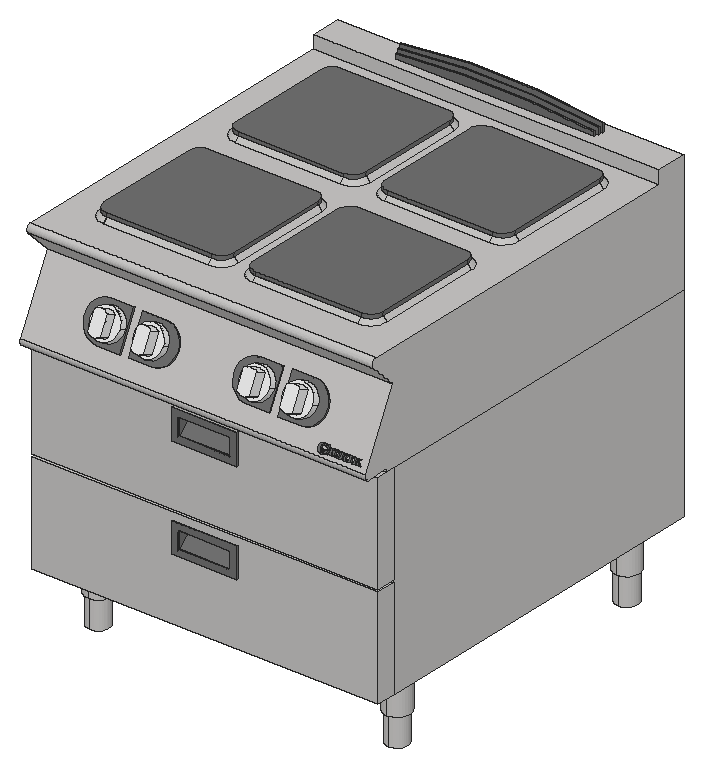
Revit family "QF_GIORIK_CE94QGMC", category Specialty Equipment, Revit 2014
Parameters (values of type "CE94QGMC")
  Weight in Pounds = 253.5313
  Watts = 16000 W
  Volts = 400 V
  URL Cutsheet = "www.giorik.com"
  URL = "www.giorik.com"
  Status [instance] = ""
  Specification by User [instance] = ""
  Specification by Manufacturer = ""
  Show Logo [instance] = yes
  Show Clearance [instance] = yes
  Serial Number = ""
  Seismic Rating = ""
  SMACNA No = ""
  Revision Code [instance] = ""
  Phase = 3
  Number of Poles [instance] = 3
  NAFEM Spec ID Number = ""
  Model = "CE94QGMC"
  Min Ckt Ampacity = 0 A
  Max Overcurrent Protection = 0 A
  Masterspec = ""
  Manufacturer = "GIORIK"
  Item Number [instance] = ""
  Installed By [instance] = ""
  Identify Quantity as Lot [instance] = no
  HP = "21.456320000000"
  Furnished By [instance] = ""
  Foodservice Equipment Identifier [instance] = yes
  FL Amps = 0 A
  Electrical Remarks [instance] = ""
  Electric Connection Type [instance] = ""
  Elec Conn RI Height [instance] = 0 mm
  Elec Conn Connection Height [instance] = 150 mm
  Description = "4 ELECTRIC PLATE HOB ON OPEN BASE UNIT"
  Cycle = 50 Hz
  Conn Plug = ""
  CSI MasterFormat = ""
  Assembly Code = "E1090320"
  Apparent Power = 16000 VA
Reference planes
  plane 1 "Back": y = 0
  plane 2: z = 0
  plane 3 "Left": x = 0
  plane 4 "Right": x = 800
  plane 5 "Front": y = -920
  plane 6 "Top": z = 900
Forms (mm)
  Extrusion 1, solid, visible <- "Show Logo"
    sketch origin (591.604, -936.624, 609.486) x (-1, 0, 0) y (0, 0.452718, 0.891654)
      loop
        line (-118.824, 58.358) -> (-127.804, 58.358) -> (-125.523, 56.445) -> (-125.523, 48.027) -> (-127.804, 46.113) -> (-118.824, 46.113) -> (-121.105, 48.027) -> (-121.105, 56.445) -> (-118.824, 58.358)
      loop
        line (-163.721, 58.358) -> (-172.7, 58.358) -> (-170.42, 56.445) -> (-170.42, 48.027) -> (-172.7, 46.113) -> (-163.721, 46.113) -> (-166.001, 48.027) -> (-166.001, 56.445) -> (-163.721, 58.358)
      loop
        line (-174.332, 58.358) -> (-183.312, 58.358) -> (-181.031, 56.445) -> (-181.031, 52.435) -> (-186.419, 56.955) -> (-184.416, 58.358) -> (-191.268, 58.358) -> (-188.01, 56.839) -> (-185.455, 54.283) -> (-190.846, 47.858) -> (-193.396, 46.93) -> (-193.396, 46.113) -> (-184.416, 46.113) -> (-185.437, 47.571) -> (-182.443, 51.552) -> (-181.031, 50.894) -> (-181.031, 48.027) -> (-183.312, 46.113) -> (-174.332, 46.113) -> (-176.613, 48.027) -> (-176.613, 56.445) -> (-174.332, 58.358)
      loop
        line (-115.429, 62.063) -> (-115.429, 54.198)
        arc (-115.429, 54.198) -> (-111.618, 57.803) -> (-106.847, 59.986) r 16.039
        arc (-106.847, 59.986) -> (-103.314, 59.837) -> (-100.512, 57.68) r 5.851
        arc (-100.512, 57.68) -> (-98.815, 52.267) -> (-100.512, 46.853) r 9.479
        arc (-100.512, 46.853) -> (-102.406, 44.986) -> (-104.846, 43.93) r 7.236
        arc (-104.846, 43.93) -> (-107.728, 44.111) -> (-110.052, 45.825) r 5.11
        line (-110.052, 45.825) -> (-110.052, 52.001) -> (-116.141, 52.001) -> (-116.141, 45.503) -> (-117.893, 43.751) -> (-114.094, 44.769)
        arc (-114.094, 44.769) -> (-112.56, 44.947) -> (-111.129, 44.366) r 3.115
        arc (-111.129, 44.366) -> (-104.216, 42.091) -> (-97.303, 44.366) r 11.641
        arc (-97.303, 44.366) -> (-93.396, 52.107) -> (-97.303, 59.849) r 9.622
        arc (-97.303, 59.849) -> (-104.369, 62.174) -> (-111.435, 59.849) r 11.898
        line (-111.435, 59.849) -> (-115.429, 62.063)
      loop
        arc (-129.234, 56.068) -> (-135.893, 58.628) -> (-142.552, 56.068) r 9.941
        arc (-142.552, 56.068) -> (-144.234, 52.286) -> (-142.552, 48.505) r 5.093
        arc (-142.552, 48.505) -> (-135.893, 45.945) -> (-129.234, 48.505) r 9.941
        arc (-129.234, 48.505) -> (-127.552, 52.286) -> (-129.234, 56.068) r 5.093
      loop
        arc (-132.628, 54.403) -> (-135.893, 57.668) -> (-139.158, 54.403) r 3.265
        line (-139.158, 54.403) -> (-139.158, 50.169)
        arc (-139.158, 50.169) -> (-135.893, 46.904) -> (-132.628, 50.169) r 3.265
        line (-132.628, 50.169) -> (-132.628, 54.403)
      loop
        arc (-156.363, 58.365) -> (-159.647, 55.081) -> (-156.363, 51.796) r 3.285
        line (-156.363, 51.796) -> (-159.529, 47.306) -> (-162.087, 46.113) -> (-155.847, 46.113) -> (-153.529, 51.083) -> (-150.637, 51.083) -> (-150.637, 47.784) -> (-153.022, 46.113) -> (-144.011, 46.113) -> (-146.094, 47.68) -> (-146.094, 56.493) -> (-144.229, 58.365) -> (-156.363, 58.365)
      loop
        line (-150.637, 57.512) -> (-153.637, 57.512)
        arc (-153.637, 57.512) -> (-156.237, 54.912) -> (-153.637, 52.312) r 2.6
        line (-153.637, 52.312) -> (-150.637, 52.312) -> (-150.637, 57.512)
      loop
        line (-108.924, 52.001) -> (-104.936, 49.005) -> (-100.948, 52.001) -> (-108.924, 52.001)
    from 1.5 to -0.5
  Extrusion 2, solid
    sketch origin (-16, 1025.81, 0) x (1, 0, 0) y (0, 1, 0)
      loop
        line (25, -1086.81) -> (25, -1156.81) -> (115, -1156.81) -> (115, -1086.81) -> (25, -1086.81)
    from 148 to 150
  Extrusion 3, solid
    sketch origin (-4, -199.862, 130) x (1, 0, 0) y (0, 1, 0)
      loop
        circle (54, -385) r 12.5
    from 0 to 20
  Extrusion 4, solid
    sketch origin (0, 800.138, -20) x (0, 1, 0) y (0, 0, 1)
      loop
        line (-800.138, 919.988) -> (-870.138, 919.988) -> (-870.138, 889.988) -> (-1688.806, 889.988)
        arc (-1688.806, 889.988) -> (-1699.151, 883.075) -> (-1696.724, 870.873) r 11.197
        line (-1696.724, 870.873) -> (-1640.876, 815.025) -> (-1718.948, 661.258)
        arc (-1718.948, 661.258) -> (-1718.233, 650.105) -> (-1708.118, 645.354) r 10.981
        line (-1708.118, 645.354) -> (-1660, 649.925) -> (-1660, 640) -> (-800.138, 640) -> (-800.138, 919.988)
    from 0 to 800
  Extrusion 5, solid
    sketch origin (0, -199.862, 599.536) x (1, 0, 0) y (0, 1, 0)
      loop
        line (0, -640) -> (40, -640) -> (40, 159.862) -> (760, 159.862) -> (760, -640) -> (800, -640) -> (800, 199.862) -> (0, 199.862) -> (0, -640)
    from -449.536 to 20.464
  Extrusion 6, solid
    sketch origin (0, -199.862, 0) x (1, 0, 0) y (0, 1, 0)
      loop
        line (40, 159.862) -> (40, -640) -> (760, -640) -> (760, 159.862) -> (40, 159.862)
    from 150 to 190
  Extrusion 7, solid
    sketch origin (-16, 360.948, 0) x (1, 0, 0) y (0, 1, 0)
      loop
        line (25, -1086.81) -> (25, -1156.81) -> (115, -1156.81) -> (115, -1086.81) -> (25, -1086.81)
    from 148 to 150
  Revolve 8, solid
    sketch origin (54, 360.948, 0) x (0, 1, 0) y (0, 0, 1)
      loop
        line (-1092.56, 66) -> (-1092.56, 148) -> (-1121.81, 148) -> (-1121.81, 0) -> (-1096.81, 0) -> (-1096.81, 66) -> (-1092.56, 66)
      axis (-1121.81, 0) -> (-1121.81, 148)
    angle from 0 to 360
  Revolve 9, solid
    sketch origin (54, 1025.81, 0) x (0, 1, 0) y (0, 0, 1)
      loop
        line (-1092.56, 66) -> (-1092.56, 148) -> (-1121.81, 148) -> (-1121.81, 0) -> (-1096.81, 0) -> (-1096.81, 66) -> (-1092.56, 66)
      axis (-1121.81, 0) -> (-1121.81, 148)
    angle from 0 to 360
  Extrusion 10, solid
    sketch origin (816, 360.948, 0) x (-1, 0, 0) y (0, -1, 0)
      loop
        line (25, 1086.81) -> (115, 1086.81) -> (115, 1156.81) -> (25, 1156.81) -> (25, 1086.81)
    from 148 to 150
  Revolve 11, solid
    sketch origin (746, 360.948, 0) x (0, 1, 0) y (0, 0, -1)
      loop
        line (-1092.56, -66) -> (-1096.81, -66) -> (-1096.81, 0) -> (-1121.81, 0) -> (-1121.81, -148) -> (-1092.56, -148) -> (-1092.56, -66)
      axis (-1121.81, 0) -> (-1121.81, -148)
    angle from 0 to 360
  Extrusion 12, solid
    sketch origin (816, -1217.81, 0) x (-1, 0, 0) y (0, -1, 0)
      loop
        line (25, -1086.81) -> (25, -1156.81) -> (115, -1156.81) -> (115, -1086.81) -> (25, -1086.81)
    from 148 to 150
  Revolve 13, solid
    sketch origin (746, -1217.81, 0) x (0, -1, 0) y (0, 0, 1)
      loop
        line (-1092.56, 66) -> (-1092.56, 148) -> (-1121.81, 148) -> (-1121.81, 0) -> (-1096.81, 0) -> (-1096.81, 66) -> (-1092.56, 66)
      axis (-1121.81, 0) -> (-1121.81, 148)
    angle from 0 to 360
  Extrusion 14, solid
    sketch origin (-246.222, -1163.208, 52.363) x (1, 0, 0) y (0, 0.452718, 0.891654)
      loop
        line (463.221, 676.25) -> (463.221, 766.25) -> (409.698, 766.25)
        arc (409.698, 766.25) -> (364.698, 721.25) -> (409.698, 676.25) r 45
        line (409.698, 676.25) -> (463.221, 676.25)
    from 48 to 50
  Extrusion 15, solid
    sketch origin (528.33, -1208.559, 74.959) x (-1, 0, 0) y (0, -0.45351, -0.891251)
      loop
        circle (351.331, -721.346) r 35
    from 0 to 15
  Extrusion 16, solid
    sketch origin (528.33, -1208.559, 74.959) x (-1, 0, 0) y (0, -0.45351, -0.891251)
      loop
        arc (336.331, -743.846) -> (351.331, -748.846) -> (366.331, -743.846) r 25
        line (366.331, -743.846) -> (366.331, -698.846)
        arc (366.331, -698.846) -> (351.331, -693.846) -> (336.331, -698.846) r 25
        line (336.331, -698.846) -> (336.331, -743.846)
    from 15 to 40
  Extrusion 17, solid
    sketch origin (700.254, -1163.208, 52.363) x (-1, 0, 0) y (0, -0.452718, -0.891654)
      loop
        line (463.221, -676.25) -> (409.698, -676.25)
        arc (409.698, -676.25) -> (364.698, -721.25) -> (409.698, -766.25) r 45
        line (409.698, -766.25) -> (463.221, -766.25) -> (463.221, -676.25)
    from 48 to 50
  Extrusion 18, solid
    sketch origin (-74.298, -1208.559, 74.959) x (1, 0, 0) y (0, 0.45351, 0.891251)
      loop
        circle (351.331, 721.346) r 35
    from 0 to 15
  Extrusion 19, solid
    sketch origin (-74.298, -1208.559, 74.959) x (1, 0, 0) y (0, 0.45351, 0.891251)
      loop
        line (336.331, 743.846) -> (336.331, 698.846)
        arc (336.331, 698.846) -> (351.331, 693.846) -> (366.331, 698.846) r 25
        line (366.331, 698.846) -> (366.331, 743.846)
        arc (366.331, 743.846) -> (351.331, 748.846) -> (336.331, 743.846) r 25
    from 15 to 40
  Extrusion 20, solid
    sketch origin (36.031, -11.5, -10.001) x (1, 0, 0) y (0, 0, 1)
      loop
        line (135, 909.989) -> (592.969, 909.989) -> (592.969, 919.989) -> (440.969, 929.989) -> (287, 929.989) -> (135, 919.989) -> (135, 909.989)
    from 32 to 35
  Extrusion 21, solid
    sketch origin (38, -1.5, -10.001) x (1, 0, 0) y (0, 0, 1)
      loop
        line (594, 909.989) -> (594, 924.989) -> (440, 937.489) -> (284, 937.489) -> (130, 925.001) -> (130, 909.989) -> (594, 909.989)
    from 32 to 35
  Extrusion 22, solid
    sketch origin (40, 8.5, -10.001) x (1, 0, 0) y (0, 0, 1)
      loop
        line (595, 909.989) -> (595, 930.001) -> (439, 945.258) -> (281, 945.258) -> (125, 929.989) -> (125, 909.989) -> (595, 909.989)
    from 32 to 35
  Extrusion 23, solid, visible <- "Show Clearance", detail levels coarse
    sketch origin (0, -199.862, 0) x (0, 1, 0) y (0, 0, 1)
      loop
        line (-685, 388) -> (-685, 620) -> (-1220, 620) -> (-1220, 388) -> (-685, 388)
    from 0 to 800
  Extrusion 24, solid
    sketch origin (400, -199.862, 0) x (0, 1, 0) y (0, 0, 1)
      loop
        line (-642, 585) -> (-685, 545) -> (-681.85, 545) -> (-642, 582.07) -> (-642, 585)
    from -60 to 60
  Extrusion 25, solid
    sketch origin (0, -839.862, 0) x (1, 0, 0) y (0, 0, 1)
      loop
        line (0, 620) -> (0, 388) -> (800, 388) -> (800, 620) -> (0, 620)
      loop
        line (338, 587) -> (338, 543) -> (462, 543) -> (462, 587) -> (338, 587)
    from 0 to 45
  Extrusion 26, solid
    sketch origin (0, -884.862, 0) x (1, 0, 0) y (0, 0, 1)
      loop
        line (340, 585) -> (340, 545) -> (460, 545) -> (460, 585) -> (340, 585)
      loop
        line (325, 600) -> (325, 530) -> (475, 530) -> (475, 600) -> (325, 600)
    from 0 to 2
  Extrusion 27, solid
    sketch origin (0, -199.862, 0) x (1, 0, 0) y (0, 0, 1)
      loop
        line (338, 587) -> (338, 543) -> (462, 543) -> (462, 587) -> (338, 587)
      loop
        line (340, 585) -> (340, 545) -> (460, 545) -> (460, 585) -> (340, 585)
    from 642 to 685
  Extrusion 28, solid
    sketch origin (99.78, -1163.208, 52.363) x (1, 0, 0) y (0, 0.452718, 0.891654)
      loop
        line (463.221, 676.25) -> (463.221, 766.25) -> (409.698, 766.25)
        arc (409.698, 766.25) -> (364.698, 721.25) -> (409.698, 676.25) r 45
        line (409.698, 676.25) -> (463.221, 676.25)
    from 48 to 50
  Extrusion 29, solid
    sketch origin (874.332, -1208.559, 74.959) x (-1, 0, 0) y (0, -0.45351, -0.891251)
      loop
        circle (351.331, -721.346) r 35
    from 0 to 15
  Extrusion 30, solid
    sketch origin (874.332, -1208.559, 74.959) x (-1, 0, 0) y (0, -0.45351, -0.891251)
      loop
        arc (336.331, -743.846) -> (351.331, -748.846) -> (366.331, -743.846) r 25
        line (366.331, -743.846) -> (366.331, -698.846)
        arc (366.331, -698.846) -> (351.331, -693.846) -> (336.331, -698.846) r 25
        line (336.331, -698.846) -> (336.331, -743.846)
    from 15 to 40
  Extrusion 31, solid
    sketch origin (1046.256, -1163.208, 52.363) x (-1, 0, 0) y (0, -0.452718, -0.891654)
      loop
        line (463.221, -676.25) -> (409.698, -676.25)
        arc (409.698, -676.25) -> (364.698, -721.25) -> (409.698, -766.25) r 45
        line (409.698, -766.25) -> (463.221, -766.25) -> (463.221, -676.25)
    from 48 to 50
  Extrusion 32, solid
    sketch origin (271.704, -1208.559, 74.959) x (1, 0, 0) y (0, 0.45351, 0.891251)
      loop
        circle (351.331, 721.346) r 35
    from 0 to 15
  Extrusion 33, solid
    sketch origin (271.704, -1208.559, 74.959) x (1, 0, 0) y (0, 0.45351, 0.891251)
      loop
        line (336.331, 743.846) -> (336.331, 698.846)
        arc (336.331, 698.846) -> (351.331, 693.846) -> (366.331, 698.846) r 25
        line (366.331, 698.846) -> (366.331, 743.846)
        arc (366.331, 743.846) -> (351.331, 748.846) -> (336.331, 743.846) r 25
    from 15 to 40
  Extrusion 34, solid, visible <- "Show Clearance", detail levels coarse
    sketch origin (0, -199.862, -238) x (0, 1, 0) y (0, 0, 1)
      loop
        line (-685, 388) -> (-685, 620) -> (-1220, 620) -> (-1220, 388) -> (-685, 388)
    from 0 to 800
  Extrusion 35, solid
    sketch origin (400, -199.862, -235) x (0, 1, 0) y (0, 0, 1)
      loop
        line (-642, 585) -> (-685, 545) -> (-681.85, 545) -> (-642, 582.07) -> (-642, 585)
    from -60 to 60
  Extrusion 36, solid
    sketch origin (0, -884.862, -235) x (1, 0, 0) y (0, 0, 1)
      loop
        line (340, 585) -> (340, 545) -> (460, 545) -> (460, 585) -> (340, 585)
      loop
        line (325, 600) -> (325, 530) -> (475, 530) -> (475, 600) -> (325, 600)
    from 0 to 2
  Extrusion 37, solid
    sketch origin (0, -199.862, -235) x (1, 0, 0) y (0, 0, 1)
      loop
        line (338, 587) -> (338, 543) -> (462, 543) -> (462, 587) -> (338, 587)
      loop
        line (340, 585) -> (340, 545) -> (460, 545) -> (460, 585) -> (340, 585)
    from 642 to 685
  Extrusion 38, solid
    sketch origin (0, -839.862, -238) x (1, 0, 0) y (0, 0, 1)
      loop
        line (0, 620) -> (0, 388) -> (800, 388) -> (800, 620) -> (0, 620)
      loop
        line (338, 587) -> (338, 543) -> (462, 543) -> (462, 587) -> (338, 587)
    from 0 to 45
  Extrusion 39, solid
    sketch origin (37, 2.317, 864.988) x (0, 1, 0) y (-1, 0, 0)
      loop
        arc (-121.5, -68) -> (-129.701, -48.201) -> (-149.5, -40) r 28
        line (-149.5, -40) -> (-393.5, -40)
        arc (-393.5, -40) -> (-413.299, -48.201) -> (-421.5, -68) r 28
        line (-421.5, -68) -> (-421.5, -311.998)
        arc (-421.5, -311.998) -> (-413.299, -331.797) -> (-393.5, -339.998) r 28
        line (-393.5, -339.998) -> (-149.5, -339.998)
        arc (-149.5, -339.998) -> (-129.701, -331.797) -> (-121.5, -311.998) r 28
        line (-121.5, -311.998) -> (-121.5, -68)
    from 23 to 15
  Blend 40, solid
    base sketch origin (781.36, -820.188, 869.988) x (0, 1, 0) y (-1, 0, 0)
      loop
        arc (710.004, 676.36) -> (699.167, 702.523) -> (673.004, 713.36) r 37
        line (673.004, 713.36) -> (429.004, 713.36)
        arc (429.004, 713.36) -> (402.841, 702.523) -> (392.004, 676.36) r 37
        line (392.004, 676.36) -> (392.004, 432.362)
        arc (392.004, 432.362) -> (402.841, 406.199) -> (429.004, 395.362) r 37
        line (429.004, 395.362) -> (673.004, 395.362)
        arc (673.004, 395.362) -> (699.167, 406.199) -> (710.004, 432.362) r 37
        line (710.004, 432.362) -> (710.004, 676.36)
    top sketch origin (781.36, -820.188, 900) x (0, 1, 0) y (-1, 0, 0)
      loop
        arc (701.004, 676.36) -> (692.803, 696.159) -> (673.004, 704.36) r 28
        line (673.004, 704.36) -> (429.004, 704.36)
        arc (429.004, 704.36) -> (409.205, 696.159) -> (401.004, 676.36) r 28
        line (401.004, 676.36) -> (401.004, 432.362)
        arc (401.004, 432.362) -> (409.205, 412.563) -> (429.004, 404.362) r 28
        line (429.004, 404.362) -> (673.004, 404.362)
        arc (673.004, 404.362) -> (692.803, 412.563) -> (701.004, 432.362) r 28
        line (701.004, 432.362) -> (701.004, 676.36)
    from 0 to -20.012
  Extrusion 41, solid
    sketch origin (37, -922.683, 864.988) x (0, -1, 0) y (1, 0, 0)
      loop
        line (-121.5, 68) -> (-121.5, 311.998)
        arc (-121.5, 311.998) -> (-129.701, 331.797) -> (-149.5, 339.998) r 28
        line (-149.5, 339.998) -> (-393.5, 339.998)
        arc (-393.5, 339.998) -> (-413.299, 331.797) -> (-421.5, 311.998) r 28
        line (-421.5, 311.998) -> (-421.5, 68)
        arc (-421.5, 68) -> (-413.299, 48.201) -> (-393.5, 40) r 28
        line (-393.5, 40) -> (-149.5, 40)
        arc (-149.5, 40) -> (-129.701, 48.201) -> (-121.5, 68) r 28
    from 23 to 15
  Blend 42, solid
    base sketch origin (781.36, -100.179, 869.988) x (0, -1, 0) y (1, 0, 0)
      loop
        line (710.004, -676.36) -> (710.004, -432.362)
        arc (710.004, -432.362) -> (699.167, -406.199) -> (673.004, -395.362) r 37
        line (673.004, -395.362) -> (429.004, -395.362)
        arc (429.004, -395.362) -> (402.841, -406.199) -> (392.004, -432.362) r 37
        line (392.004, -432.362) -> (392.004, -676.36)
        arc (392.004, -676.36) -> (402.841, -702.523) -> (429.004, -713.36) r 37
        line (429.004, -713.36) -> (673.004, -713.36)
        arc (673.004, -713.36) -> (699.167, -702.523) -> (710.004, -676.36) r 37
    top sketch origin (781.36, -100.179, 900) x (0, -1, 0) y (1, 0, 0)
      loop
        line (701.004, -676.36) -> (701.004, -432.362)
        arc (701.004, -432.362) -> (692.803, -412.563) -> (673.004, -404.362) r 28
        line (673.004, -404.362) -> (429.004, -404.362)
        arc (429.004, -404.362) -> (409.205, -412.563) -> (401.004, -432.362) r 28
        line (401.004, -432.362) -> (401.004, -676.36)
        arc (401.004, -676.36) -> (409.205, -696.159) -> (429.004, -704.36) r 28
        line (429.004, -704.36) -> (673.004, -704.36)
        arc (673.004, -704.36) -> (692.803, -696.159) -> (701.004, -676.36) r 28
    from 0 to -20.012
  Extrusion 43, solid
    sketch origin (763, 2.317, 864.988) x (0, 1, 0) y (-1, 0, 0)
      loop
        line (-121.5, 68) -> (-121.5, 311.998)
        arc (-121.5, 311.998) -> (-129.701, 331.797) -> (-149.5, 339.998) r 28
        line (-149.5, 339.998) -> (-393.5, 339.998)
        arc (-393.5, 339.998) -> (-413.299, 331.797) -> (-421.5, 311.998) r 28
        line (-421.5, 311.998) -> (-421.5, 68)
        arc (-421.5, 68) -> (-413.299, 48.201) -> (-393.5, 40) r 28
        line (-393.5, 40) -> (-149.5, 40)
        arc (-149.5, 40) -> (-129.701, 48.201) -> (-121.5, 68) r 28
    from 23 to 15
  Blend 44, solid
    base sketch origin (18.64, -820.188, 869.988) x (0, 1, 0) y (-1, 0, 0)
      loop
        line (710.004, -676.36) -> (710.004, -432.362)
        arc (710.004, -432.362) -> (699.167, -406.199) -> (673.004, -395.362) r 37
        line (673.004, -395.362) -> (429.004, -395.362)
        arc (429.004, -395.362) -> (402.841, -406.199) -> (392.004, -432.362) r 37
        line (392.004, -432.362) -> (392.004, -676.36)
        arc (392.004, -676.36) -> (402.841, -702.523) -> (429.004, -713.36) r 37
        line (429.004, -713.36) -> (673.004, -713.36)
        arc (673.004, -713.36) -> (699.167, -702.523) -> (710.004, -676.36) r 37
    top sketch origin (18.64, -820.188, 900) x (0, 1, 0) y (-1, 0, 0)
      loop
        line (701.004, -676.36) -> (701.004, -432.362)
        arc (701.004, -432.362) -> (692.803, -412.563) -> (673.004, -404.362) r 28
        line (673.004, -404.362) -> (429.004, -404.362)
        arc (429.004, -404.362) -> (409.205, -412.563) -> (401.004, -432.362) r 28
        line (401.004, -432.362) -> (401.004, -676.36)
        arc (401.004, -676.36) -> (409.205, -696.159) -> (429.004, -704.36) r 28
        line (429.004, -704.36) -> (673.004, -704.36)
        arc (673.004, -704.36) -> (692.803, -696.159) -> (701.004, -676.36) r 28
    from 0 to -20.012
  Extrusion 45, solid
    sketch origin (763, -922.683, 864.988) x (0, -1, 0) y (1, 0, 0)
      loop
        arc (-121.5, -68) -> (-129.701, -48.201) -> (-149.5, -40) r 28
        line (-149.5, -40) -> (-393.5, -40)
        arc (-393.5, -40) -> (-413.299, -48.201) -> (-421.5, -68) r 28
        line (-421.5, -68) -> (-421.5, -311.998)
        arc (-421.5, -311.998) -> (-413.299, -331.797) -> (-393.5, -339.998) r 28
        line (-393.5, -339.998) -> (-149.5, -339.998)
        arc (-149.5, -339.998) -> (-129.701, -331.797) -> (-121.5, -311.998) r 28
        line (-121.5, -311.998) -> (-121.5, -68)
    from 23 to 15
  Blend 46, solid
    base sketch origin (18.64, -100.179, 869.988) x (0, -1, 0) y (1, 0, 0)
      loop
        arc (710.004, 676.36) -> (699.167, 702.523) -> (673.004, 713.36) r 37
        line (673.004, 713.36) -> (429.004, 713.36)
        arc (429.004, 713.36) -> (402.841, 702.523) -> (392.004, 676.36) r 37
        line (392.004, 676.36) -> (392.004, 432.362)
        arc (392.004, 432.362) -> (402.841, 406.199) -> (429.004, 395.362) r 37
        line (429.004, 395.362) -> (673.004, 395.362)
        arc (673.004, 395.362) -> (699.167, 406.199) -> (710.004, 432.362) r 37
        line (710.004, 432.362) -> (710.004, 676.36)
    top sketch origin (18.64, -100.179, 900) x (0, -1, 0) y (1, 0, 0)
      loop
        arc (701.004, 676.36) -> (692.803, 696.159) -> (673.004, 704.36) r 28
        line (673.004, 704.36) -> (429.004, 704.36)
        arc (429.004, 704.36) -> (409.205, 696.159) -> (401.004, 676.36) r 28
        line (401.004, 676.36) -> (401.004, 432.362)
        arc (401.004, 432.362) -> (409.205, 412.563) -> (429.004, 404.362) r 28
        line (429.004, 404.362) -> (673.004, 404.362)
        arc (673.004, 404.362) -> (692.803, 412.563) -> (701.004, 432.362) r 28
        line (701.004, 432.362) -> (701.004, 676.36)
    from 0 to -20.012
Lines and regions (mm)
  symbolic lines, style "200-EquipBorder-2D"
    curve 1: line (0, -919.862, 0) -> (800, -919.862, 0)
    curve 2: line (800, -919.862, 0) -> (800, 0, 0)
    curve 3: line (800, 0, 0) -> (0, 0, 0)
    curve 4: line (0, 0, 0) -> (0, -919.862, 0)
    curve 94: line (161.999, -927.276, 900) -> (161.999, -920, 900)
    curve 95: line (191.999, -927.276, 900) -> (191.999, -920, 900)
    curve 96: line (262.034, -927.276, 900) -> (262.034, -920, 900)
    curve 97: line (292.034, -927.276, 900) -> (292.034, -920, 900)
    curve 98: arc (161.999, -927.276, 900) -> (176.999, -929.956, 900) -> (191.999, -927.276, 900) r 43.312
    curve 99: arc (292.034, -927.276, 900) -> (277.034, -929.692, 900) -> (262.034, -927.276, 900) r 47.769
    curve 100: arc (508.001, -927.276, 900) -> (523.001, -929.481, 900) -> (538.001, -927.276, 900) r 52.114
    curve 101: arc (608.036, -927.276, 900) -> (623.036, -929.75, 900) -> (638.036, -927.276, 900) r 46.704
    curve 102: line (638.036, -927.276, 900) -> (638.036, -920, 900)
    curve 103: line (608.036, -927.276, 900) -> (608.036, -920, 900)
    curve 104: line (538.001, -927.276, 900) -> (538.001, -920, 900)
    curve 105: line (508.001, -927.276, 900) -> (508.001, -920, 900)
  symbolic lines, style "200-EquipInternal-2D"
    curve 5: line (165, -23.5, 900) -> (635, -23.5, 900)
    curve 6: line (635, -23.5, 900) -> (635, -26.5, 900)
    curve 7: line (635, -26.5, 900) -> (165, -26.5, 900)
    curve 8: line (165, -26.5, 900) -> (165, -23.5, 900)
    curve 9: line (168, -33.5, 900) -> (632, -33.5, 900)
    curve 10: line (632, -33.5, 900) -> (632, -36.5, 900)
    curve 11: line (632, -36.5, 900) -> (168, -36.5, 900)
    curve 12: line (168, -36.5, 900) -> (168, -33.5, 900)
    curve 13: line (171.031, -43.5, 900) -> (629, -43.5, 900)
    curve 14: line (629, -43.5, 900) -> (629, -46.5, 900)
    curve 15: line (629, -46.5, 900) -> (171.031, -46.5, 900)
    curve 16: line (171.031, -46.5, 900) -> (171.031, -43.5, 900)
    curve 20: line (0, -70, 900) -> (800, -70, 900)
    curve 30: arc (68, -147.183, 900) -> (78.837, -121.02, 900) -> (105, -110.183, 900) r 37
    curve 31: arc (105, -119.183, 900) -> (85.201, -127.384, 900) -> (77, -147.183, 900) r 28
    curve 32: line (105, -110.183, 900) -> (348.998, -110.183, 900)
    curve 33: line (348.998, -119.183, 900) -> (105, -119.183, 900)
    curve 34: line (68, -391.183, 900) -> (68, -147.183, 900)
    curve 35: line (77, -147.183, 900) -> (77, -391.183, 900)
    curve 36: arc (105, -428.183, 900) -> (78.837, -417.346, 900) -> (68, -391.183, 900) r 37
    curve 37: arc (77, -391.183, 900) -> (85.201, -410.982, 900) -> (105, -419.183, 900) r 28
    curve 38: line (348.998, -428.183, 900) -> (105, -428.183, 900)
    curve 39: line (105, -419.183, 900) -> (348.998, -419.183, 900)
    curve 40: arc (385.998, -391.183, 900) -> (375.161, -417.346, 900) -> (348.998, -428.183, 900) r 37
    curve 41: line (376.998, -391.183, 900) -> (376.998, -147.183, 900)
    curve 42: arc (348.998, -419.183, 900) -> (368.797, -410.982, 900) -> (376.998, -391.183, 900) r 28
    curve 43: line (385.998, -147.183, 900) -> (385.998, -391.183, 900)
    curve 44: arc (348.998, -110.183, 900) -> (375.161, -121.02, 900) -> (385.998, -147.183, 900) r 37
    curve 45: arc (376.998, -147.183, 900) -> (368.797, -127.384, 900) -> (348.998, -119.183, 900) r 28
    curve 46: line (414.002, -391.183, 900) -> (414.002, -147.183, 900)
    curve 47: line (423.002, -147.183, 900) -> (423.002, -391.183, 900)
    curve 48: arc (414.002, -147.183, 900) -> (424.839, -121.02, 900) -> (451.002, -110.183, 900) r 37
    curve 49: arc (451.002, -119.183, 900) -> (431.203, -127.384, 900) -> (423.002, -147.183, 900) r 28
    curve 50: line (451.002, -110.183, 900) -> (695, -110.183, 900)
    curve 51: line (695, -119.183, 900) -> (451.002, -119.183, 900)
    curve 52: arc (695, -110.183, 900) -> (721.163, -121.02, 900) -> (732, -147.183, 900) r 37
    curve 53: arc (723, -147.183, 900) -> (714.799, -127.384, 900) -> (695, -119.183, 900) r 28
    curve 54: line (732, -147.183, 900) -> (732, -391.183, 900)
    curve 55: line (723, -391.183, 900) -> (723, -147.183, 900)
    curve 56: arc (695, -419.183, 900) -> (714.799, -410.982, 900) -> (723, -391.183, 900) r 28
    curve 57: arc (732, -391.183, 900) -> (721.163, -417.346, 900) -> (695, -428.183, 900) r 37
    curve 58: line (451.002, -419.183, 900) -> (695, -419.183, 900)
    curve 59: line (695, -428.183, 900) -> (451.002, -428.183, 900)
    curve 60: arc (423.002, -391.183, 900) -> (431.203, -410.982, 900) -> (451.002, -419.183, 900) r 28
    curve 61: arc (451.002, -428.183, 900) -> (424.839, -417.346, 900) -> (414.002, -391.183, 900) r 37
    curve 62: line (77, -529.183, 900) -> (77, -773.183, 900)
    curve 63: line (68, -773.183, 900) -> (68, -529.183, 900)
    curve 64: line (105, -801.183, 900) -> (348.998, -801.183, 900)
    curve 65: line (385.998, -529.183, 900) -> (385.998, -773.183, 900)
    curve 66: line (376.998, -773.183, 900) -> (376.998, -529.183, 900)
    curve 67: line (105, -492.183, 900) -> (348.998, -492.183, 900)
    curve 68: line (348.998, -501.183, 900) -> (105, -501.183, 900)
    curve 69: line (695, -501.183, 900) -> (451.002, -501.183, 900)
    curve 70: line (451.002, -492.183, 900) -> (695, -492.183, 900)
    curve 71: line (414.002, -773.183, 900) -> (414.002, -529.183, 900)
    curve 72: line (423.002, -529.183, 900) -> (423.002, -773.183, 900)
    curve 73: line (695, -810.183, 900) -> (451.002, -810.183, 900)
    curve 74: line (451.002, -801.183, 900) -> (695, -801.183, 900)
    curve 75: line (348.998, -810.183, 900) -> (105, -810.183, 900)
    curve 76: arc (348.998, -801.183, 900) -> (368.797, -792.982, 900) -> (376.998, -773.183, 900) r 28
    curve 77: arc (732, -773.183, 900) -> (721.163, -799.346, 900) -> (695, -810.183, 900) r 37
    curve 78: line (732, -529.183, 900) -> (732, -773.183, 900)
    curve 79: line (723, -773.183, 900) -> (723, -529.183, 900)
    curve 80: arc (695, -492.183, 900) -> (721.163, -503.02, 900) -> (732, -529.183, 900) r 37
    curve 81: arc (414.002, -529.183, 900) -> (424.839, -503.02, 900) -> (451.002, -492.183, 900) r 37
    curve 82: arc (423.002, -773.183, 900) -> (431.203, -792.982, 900) -> (451.002, -801.183, 900) r 28
    curve 83: arc (695, -801.183, 900) -> (714.799, -792.982, 900) -> (723, -773.183, 900) r 28
    curve 84: arc (723, -529.183, 900) -> (714.799, -509.384, 900) -> (695, -501.183, 900) r 28
    curve 85: arc (451.002, -501.183, 900) -> (431.203, -509.384, 900) -> (423.002, -529.183, 900) r 28
    curve 86: arc (451.002, -810.183, 900) -> (424.839, -799.346, 900) -> (414.002, -773.183, 900) r 37
    curve 87: arc (348.998, -492.183, 900) -> (375.161, -503.02, 900) -> (385.998, -529.183, 900) r 37
    curve 88: arc (68, -529.183, 900) -> (78.837, -503.02, 900) -> (105, -492.183, 900) r 37
    curve 89: arc (77, -773.183, 900) -> (85.201, -792.982, 900) -> (105, -801.183, 900) r 28
    curve 90: arc (385.998, -773.183, 900) -> (375.161, -799.346, 900) -> (348.998, -810.183, 900) r 37
    curve 91: arc (376.998, -529.183, 900) -> (368.797, -509.384, 900) -> (348.998, -501.183, 900) r 28
    curve 92: arc (105, -501.183, 900) -> (85.201, -509.384, 900) -> (77, -529.183, 900) r 28
    curve 93: arc (105, -810.183, 900) -> (78.837, -799.346, 900) -> (68, -773.183, 900) r 37
  symbolic lines, style "QF_Door-Drawer Clearances", visible <- "Show Clearance", detail levels coarse
    curve 17: line (30, -1169.862, 0) -> (30, -1379.862, 0)
    curve 18: line (0, -1419.862, 900) -> (770, -1419.862, 900)
    curve 19: line (770, -1379.862, 900) -> (770, -1169.862, 900)
    curve 21: line (0, -1379.862, 900) -> (800, -1379.862, 900)
    curve 22: line (0, -1379.862, 0) -> (0, -1419.862, 0)
    curve 23: line (800, -1419.862, 900) -> (800, -1379.862, 900)
    curve 24: line (0, -1169.862, 900) -> (800, -1169.862, 900)
    curve 25: line (770, -1129.862, 900) -> (770, -919.862, 900)
    curve 26: line (0, -1129.862, 900) -> (800, -1129.862, 900)
    curve 27: line (0, -1129.862, 0) -> (0, -1169.862, 0)
    curve 28: line (800, -1169.862, 900) -> (800, -1129.862, 900)
    curve 29: line (30, -919.862, 0) -> (30, -1129.862, 0)
Dimensions and locks
  plane 3 "Left" to plane 4 "Right" = 800 mm
  plane 5 "Front" to plane 1 "Back" = 920 mm
  plane 4 "Right" to plane 3 "Left" = 800 mm
  plane 1 "Back" to plane 5 "Front" = 920 mm
  plane 6 "Top" to level = 900 mm  (x2)
  aligned and locked: level to plane 2
Connectors
  electrical at (50, -584.862, 130), driven by "Apparent Power", driven by "Volts", driven by "Number of Poles"
    settings: on Extrusion 3, index 1, voltage 400 V, apparent load 0 VA, apparent load phase1 16000 VA, apparent load phase2 0 VA, apparent load phase3 0 VA, power factor 1, load classification "Other", number of poles 3, system type 31, power factor state 1, is connector primary yes, connector utility no, sub classification motor no, connector description "Electrical connection"
